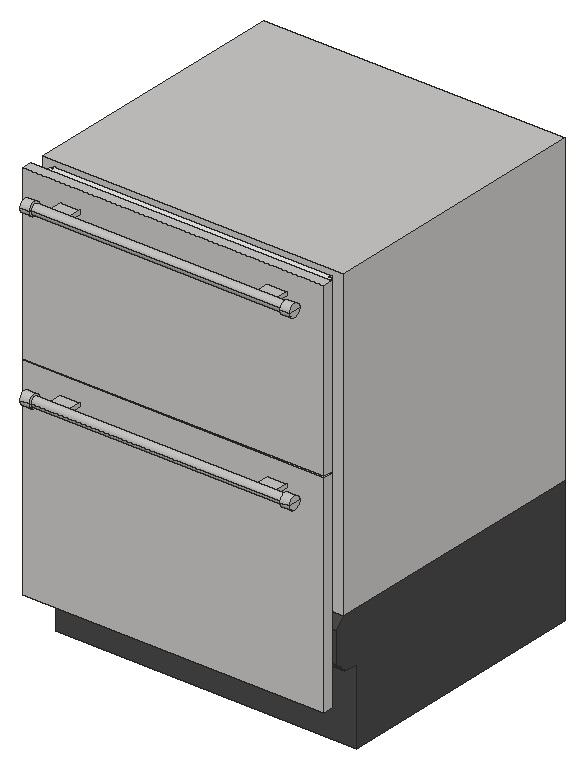
Revit family "2af11d3a64a44f6ca682657d3c3c2a23", category Specialty Equipment, Revit 2021
Family settings
  Round Connector Dimension = Use Diameter
  Part Type = Normal
  OmniClass Number = 23.40.40.14
  OmniClass Title = Food Service Equipment
  Work Plane-Based = No
  Always vertical = Yes
  Cut with Voids When Loaded = No
  Shared = No
  Room Calculation Point = No
Parameters (values of type "24"")
  Width = 2' - 0"
  Wall Offset = 0' - 1"
  Voltage = 120 V
  URL = ""
  Type Comments = ""
  Show Label = yes
  Power Consumption = 1000 VA
  Model = ""
  Mechanical Finish = Appliance - Steel - Black
  Manufacturer = ""
  Label = "U.C. Refr."
  Keynote = ""
  Gasket = Appliance - Gasket
  Height = 2' - 10 1/2"
  Description = "Undercounter Refrigerator Drawers"
  Depth = 2' - 0"
  Default Elevation = 0' - 0"
  Cost = 0
  Assembly Code = "E1090320"
  Appliance Finish = Appliance - Stainless Steel
  Amperage = Power Consumption / Voltage  # 8.33333 A
Types (3): name | Width
  30" | 2' - 0"
  36" | 3' - 0"
  24" | 2' - 0"
Reference planes (in)
  plane 1 "Back": y = 0
  plane 2: z = 0
  plane 3 "Center (Left/Right)": x = 0
  plane 4 "Left": x = -12
  plane 5 "Right": x = 12
  plane 6: y = -1
  plane 7 "Front": y = -25
  plane 8 "Door Back": y = -23
  plane 9 "Top": z = 34.5
  plane 10 "B.O. Door": z = 4
  plane 11: z = 20.75
  plane 12 "Door Interior Bottom": z = 10
  plane 13: y = -26.375
  plane 14 "Top Handle": z = 32.875
  plane 15 "Bottom Handle": z = 19.125
Forms (in)
  Extrusion 1, solid, material "Appliance - Stainless Steel" <- "Appliance Finish"
    sketch origin (0, 0, 0) x (1, 0, 0) y (0, 1, 0)
      loop
        line (-12, -1) -> (-12, -23) -> (12, -23) -> (12, -1) -> (-12, -1)
    from 10 to 34.5
  Extrusion 2, solid, material "Appliance - Stainless Steel" <- "Appliance Finish"
    sketch origin (0, -25, 0) x (-1, 0, 0) y (0, 0, 1)
      loop
        line (12, 34.5) -> (-12, 34.5) -> (-12, 20.875) -> (12, 20.875) -> (12, 34.5)
      loop
        line (12, 4) -> (12, 20.75) -> (-12, 20.75) -> (-12, 4) -> (12, 4)
    from 0 to 0.75
  Extrusion 3, solid, material "Appliance - Steel - Black" <- "Mechanical Finish"
    sketch origin (0, 0, 0) x (0, 1, 0) y (0, 0, 1)
      loop
        line (-1, 10) -> (-23, 10) -> (-23.75, 9.25) -> (-23.75, 6.875) -> (-22.875, 6) -> (-21.75, 6) -> (-21.75, 0) -> (-1, 0) -> (-1, 10)
    from -12 to 12
  Extrusion 4, solid, material "Appliance - Gasket" <- "Gasket"
    sketch origin (0, 0, 10) x (-1, 0, 0) y (0, -1, 0)
      loop
        line (11.5, 24.25) -> (-11.5, 24.25) -> (-11.5, 24.0625)
        arc (-11.5, 24.0625) -> (-11.48169, 24.01831) -> (-11.4375, 24) r 0.0625
        line (-11.4375, 24) -> (-11.3125, 24)
        arc (-11.3125, 24) -> (-11.26831, 23.98169) -> (-11.25, 23.9375) r 0.0625
        line (-11.25, 23.9375) -> (-11.25, 23.3125)
        arc (-11.25, 23.3125) -> (-11.23169, 23.26831) -> (-11.1875, 23.25) r 0.0625
        line (-11.1875, 23.25) -> (-11, 23.25)
        arc (-11, 23.25) -> (-11.125, 23.125) -> (-11, 23) r 0.125
        line (-11, 23) -> (11, 23)
        arc (11, 23) -> (11.125, 23.125) -> (11, 23.25) r 0.125
        line (11, 23.25) -> (11.1875, 23.25)
        arc (11.1875, 23.25) -> (11.23169, 23.26831) -> (11.25, 23.3125) r 0.0625
        line (11.25, 23.3125) -> (11.25, 23.9375)
        arc (11.25, 23.9375) -> (11.26831, 23.98169) -> (11.3125, 24) r 0.0625
        line (11.3125, 24) -> (11.4375, 24)
        arc (11.4375, 24) -> (11.48169, 24.01831) -> (11.5, 24.0625) r 0.0625
        line (11.5, 24.0625) -> (11.5, 24.25)
    from 0 to 24
  Revolve 5, solid, material "Appliance - Stainless Steel" <- "Appliance Finish", detail levels fine
    sketch origin (0, 0, 19.125) x (0, 1, 0) y (-1, 0, 0)
      loop
        line (-26.375, 10.75) -> (-26.375, -10.75) -> (-25.875, -10.75) -> (-25.875, -10) -> (-26, -10) -> (-26, 10) -> (-25.875, 10) -> (-25.875, 10.75) -> (-26.375, 10.75)
      axis (-26.375, 10.75) -> (-26.375, -10.75)
    angle from 0 to 360
  Revolve 6, solid, material "Appliance - Stainless Steel" <- "Appliance Finish", detail levels fine
    sketch origin (0, 0, 32.875) x (0, 1, 0) y (-1, 0, 0)
      loop
        line (-26.375, 10.75) -> (-26.375, -10.75) -> (-25.875, -10.75) -> (-25.875, -10) -> (-26, -10) -> (-26, 10) -> (-25.875, 10) -> (-25.875, 10.75) -> (-26.375, 10.75)
      axis (-26.375, 10.75) -> (-26.375, -10.75)
    angle from 0 to 360
  Extrusion 7, solid, material "Appliance - Stainless Steel" <- "Appliance Finish", detail levels fine
    sketch origin (0, -25, 0) x (-1, 0, 0) y (0, 0, 1)
      loop
        line (8.99963, 33.03793) -> (7.49963, 33.03793) -> (7.49963, 32.71207) -> (8.99963, 32.71207) -> (8.99963, 33.03793)
      loop
        line (-8.99963, 33.03793) -> (-8.99963, 32.71207) -> (-7.49963, 32.71207) -> (-7.49963, 33.03793) -> (-8.99963, 33.03793)
      loop
        line (8.99963, 19.28793) -> (7.49963, 19.28793) -> (7.49963, 18.96207) -> (8.99963, 18.96207) -> (8.99963, 19.28793)
      loop
        line (-8.99963, 19.28793) -> (-8.99963, 18.96207) -> (-7.49963, 18.96207) -> (-7.49963, 19.28793) -> (-8.99963, 19.28793)
    from -1.375 to 0
Cuts and joins
  joined: Revolve 5, Revolve 6, Extrusion 7
Lines and regions (in)
  Masking region 1
    outline origin (0, 0, 0) x (1, 0, 0) y (0, 1, 0)
      loop
        line (-12, -1) -> (-12, -25) -> (12, -25) -> (12, -1) -> (-12, -1)
  Masking region 2, detail levels fine
    outline origin (0, 0, 0) x (1, 0, 0) y (0, 1, 0)
      loop
        line (-8.99963, -25) -> (-8.99963, -26.03724) -> (-10.75, -26.03724) -> (-10.75, -26.71276) -> (10.75, -26.71276) -> (10.75, -26.03724) -> (8.99963, -26.03724) -> (8.99963, -25) -> (7.49963, -25) -> (7.49963, -26.03724) -> (-7.49963, -26.03724) -> (-7.49963, -25) -> (-8.99963, -25)
  Split face 1
    outline origin (0, -1, 10) x (0, 0, -1) y (-1, 0, 0)
      loop
        circle (6, 6) r 0.5
  symbolic lines, style "Appliances - Hidden"
    curve 1: line (-12, -1, 0) -> (12, -1, 0)
    curve 2: line (-12, -25, 0) -> (-12, -1, 0)
    curve 4: line (12, -1, 0) -> (12, -25, 0)
    curve 5: line (-12, -23, 0) -> (12, -23, 0)
  symbolic lines, style "Appliances"
    curve 3: line (12, -25, 0) -> (-12, -25, 0)
Dimensions and locks (in)
  equal spacing: plane 4 "Left", plane 3 "Center (Left/Right)", plane 5 "Right"
  "Width": plane 4 "Left" to plane 5 "Right"
  "Depth": plane 6 to plane 7 "Front"
  "Wall Offset": plane 1 "Back" to plane 6
  "Height": plane 9 "Top" to level
  plane 10 "B.O. Door" to level = 0' - 4"
  locked: plane 8 "Door Back" to plane 7 "Front" at 2
  locked: plane 11 to level at 20.75
  equal spacing: plane 6, nested 1, plane 8 "Door Back"
  locked: plane 12 "Door Interior Bottom" to level at 10
  locked: Extrusion 3 sketch curve to plane 10 "B.O. Door" at 2
  Extrusion 3 sketch curve to plane 8 "Door Back" to Extrusion 3 sketch curve = 0' - 1 1/4" locked, 0' - 0 3/4" locked
  locked: Extrusion 2 sketch curve to plane 11 at 0.125
  locked: plane 7 "Front" to plane 13 at 1.375
  locked: Revolve 5 sketch curve to plane 13 at 0.375
  locked: Revolve 5 sketch curve to plane 13 at 0.5
  locked: plane 11 to plane 15 "Bottom Handle" at 1.625
  locked: plane 9 "Top" to plane 14 "Top Handle" at 1.625
  Revolve 5 sketch curve to Revolve 5 sketch curve to plane 5 "Right" = 0' - 0 3/4" locked, 0' - 1 1/4" locked
  plane 4 "Left" to Revolve 5 sketch curve to Revolve 5 sketch curve = 0' - 1 1/4" locked, 0' - 0 3/4" locked
  plane 4 "Left" to Revolve 6 sketch curve to Revolve 6 sketch curve = 0' - 1 1/4" locked, 0' - 0 3/4" locked
  Revolve 6 sketch curve to Revolve 6 sketch curve to plane 5 "Right" = 0' - 0 3/4" locked, 0' - 1 1/4" locked
  Revolve 6 sketch curve to Revolve 6 sketch curve to plane 13 = 0' - 0 1/8" locked, 0' - 0 3/8" locked
  equal spacing: Extrusion 7 sketch curve, plane 14 "Top Handle", Extrusion 7 sketch curve, locked at 0.16293 each  (x2)
  Extrusion 7 sketch curve to Extrusion 7 sketch curve to plane 4 "Left" = 0' - 1 1/2" locked, 0' - 3.00037" locked  (x2)
  Extrusion 7 sketch curve to Extrusion 7 sketch curve to plane 5 "Right" = 0' - 1 1/2" locked, 0' - 3.00037" locked  (x2)
  Extrusion 7 sketch curve to plane 15 "Bottom Handle" to Extrusion 7 sketch curve = 0' - 0.16293" locked, 0' - 0.16293" locked  (x2)
  locked: plane 9 "Top" to Extrusion 4 at 0.5
  Masking region 2 sketch curve to plane 13 to Masking region 2 sketch curve = 0' - 0.33776" locked, 0' - 0.33776" locked
  aligned and locked: plane 2 to level
  aligned and locked: Extrusion 1 sketch curve to plane 6
  aligned and locked: plane 4 "Left" to Extrusion 1 sketch curve
  aligned and locked: plane 8 "Door Back" to Extrusion 1 sketch curve
  aligned and locked: Extrusion 1 sketch curve to plane 5 "Right"
  aligned and locked: plane 4 "Left" to Extrusion 2 sketch curve  (x2)
  aligned and locked: Extrusion 2 sketch curve to plane 5 "Right"  (x2)
  aligned and locked: plane 10 "B.O. Door" to Extrusion 2 sketch curve
  aligned and locked: plane 3 "Center (Left/Right)" to nested 1
  aligned and locked: Masking region 1 sketch curve to plane 5 "Right"
  aligned and locked: Masking region 1 sketch curve to plane 6
  aligned and locked: plane 4 "Left" to Masking region 1 sketch curve
  aligned and locked: plane 7 "Front" to Masking region 1 sketch curve
  aligned and locked: Extrusion 2 sketch curve to plane 9 "Top"
  aligned and locked: Extrusion 1 to plane 12 "Door Interior Bottom"
  aligned and locked: plane 6 to Extrusion 3 sketch curve
  aligned and locked: plane 12 "Door Interior Bottom" to Extrusion 3 sketch curve
  aligned and locked: plane 5 "Right" to Extrusion 3
  aligned and locked: Extrusion 3 to plane 4 "Left"
  aligned and locked: Extrusion 3 sketch curve to level
  aligned and locked: plane 9 "Top" to Extrusion 1
  aligned and locked: plane 11 to Extrusion 2 sketch curve
  aligned and locked: Revolve 5 sketch curve to plane 13  (x2)
  aligned and locked: Revolve 5 sketch curve to Revolve 5 sketch curve
  aligned and locked: Revolve 6 sketch curve to Revolve 6 sketch curve
  aligned and locked: Revolve 6 sketch curve to plane 13
  aligned and locked: Extrusion 7 to plane 13
  aligned and locked: plane 7 "Front" to Extrusion 7
  aligned and locked: Masking region 2 sketch curve to cut or joined group of Revolve 5, Revolve 6, Extrusion 7  (x4)
  aligned and locked: cut or joined group of Revolve 5, Revolve 6, Extrusion 7 to Masking region 2 sketch curve  (x2)
  aligned and locked: Masking region 2 sketch curve to plane 7 "Front"
  aligned and locked: plane 7 "Front" to Masking region 2 sketch curve
Automatic sketch dimensions
  Extrusion 3 sketch curve to plane 8 "Door Back" = 0' - 0"
  plane 8 "Door Back" to Extrusion 3 sketch curve = 0' - 0 1/8"
  Extrusion 3 sketch curve to Extrusion 3 sketch curve = 0' - 0 7/8"
  Extrusion 3 sketch curve to plane 12 "Door Interior Bottom" = 0' - 0 3/4"
  Extrusion 4 sketch curve to plane 8 "Door Back" = 0' - 0"
  Extrusion 4 sketch curve to plane 5 "Right" = 0' - 0 1/2"
  Extrusion 4 sketch curve to Extrusion 4 sketch curve = 0' - 0 1/16"  (x6)
  Extrusion 4 sketch curve to Extrusion 4 sketch curve = 0' - 0 1/8"  (x2)
  Extrusion 4 sketch curve to plane 8 "Door Back" = 0' - 0 5/16"
  Extrusion 4 sketch curve to Extrusion 4 sketch curve = 0' - 0 3/16"  (x3)
  Extrusion 4 sketch curve to plane 8 "Door Back" = 0' - 0 1/8"
  plane 4 "Left" to Extrusion 4 sketch curve = 0' - 1"
  Extrusion 4 sketch curve to Extrusion 4 sketch curve = 0' - 0 5/8"  (x2)
  plane 5 "Right" to Revolve 5 sketch curve = 0' - 4.40451"
  Revolve 5 sketch curve to plane 4 "Left" = 0' - 2.38376"
  Revolve 6 sketch curve to plane 13 = 0' - 0"
  plane 5 "Right" to Revolve 6 sketch curve = 0' - 4.40451"
  Revolve 6 sketch curve to plane 4 "Left" = 0' - 2.38376"
  Extrusion 7 sketch curve to plane 14 "Top Handle" = 0' - 0.16293"  (x2)
  curve 1 to plane 4 "Left" = 0' - 0"
  curve 4 to plane 5 "Right" = 0' - 0"
  curve 5 to plane 8 "Door Back" = 0' - 0"
  curve 2 to plane 6 = 0' - 0"
  curve 3 to plane 7 "Front" = 0' - 0"
  plane 13 to Masking region 2 sketch curve = 0' - 0.33776"  (x2)
  Split face 1 sketch curve to Extrusion 3 = 0' - 4"
  Split face 1 sketch curve to Extrusion 3 = 1' - 6"
  radius of Split face 1 sketch curve = 0' - 0 1/2"
Nested families (in)
  nested 1: "Label Annotation 3-32" at (0, -12, 0), visible <- "Show Label", type "Label Annotation 3-32"
Connectors (in)
  electrical at (-6, -1, 4), driven by "Voltage", driven by "Power Consumption"
    settings: on Extrusion 3, index 1, voltage 120 V, apparent load 1000 VA, apparent load phase1 0 VA, apparent load phase2 0 VA, apparent load phase3 0 VA, power factor 1, load classification "Appliance", number of poles 1, system type 30, power factor state 1, is connector primary yes, connector utility no, sub classification motor no, connector description "Refrigerator Power"
Definition of nested family "Label Annotation 3-32"
  Parameters
    Label = "Freezer 36 LH"
  Reference planes (in)
    plane 1: y = 0
    plane 2: x = 0
  Text (in)
    label "Label" at (0.00375, -0.00345, 0), shows "Label"
